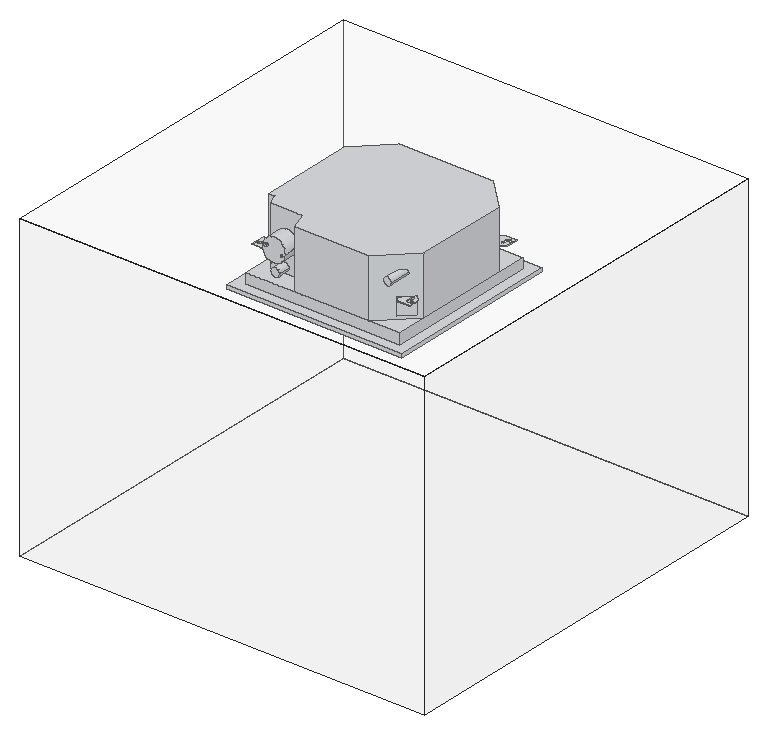
Revit family "plfy-p22_71gmg9_60hz", category 機械設備, Revit 2019
Family settings
  丸型コネクタ寸法 = 直径を使用
  パーツ タイプ = 標準
  OmniClass 番号 = 23.75.10.24.21.27.27
  OmniClass タイトル = Split System Air Conditioning Units
  作業面ベース = いいえ
  常に垂直 = はい
  ロード時にボイドで切り取り = いいえ
  共有 = いいえ
  部屋計算ポイント = はい
Parameters (values of type "天井4方向_PLFY-P22GMG9")
  風量（静）（m3／min） = 8.5
  風量（強）（m3／min） = 10
  風量（弱）（m3／min） = 9
  風量（中）（m3／min） = 9.5
  風量 = MAX風量  # 600.0 m³/h
  音響パワーレベル（弱）(dB) = 47
  音響パワーレベル（中2）(dB) = 48
  音響パワーレベル（中1）(dB) = 49
  音響パワーレベル(dB) = 50
  電源種別 = ""
  電源_H = 0 mm
  電圧 = 200 V
  電動機出力_送風機 = 0.05 kW
  運転質量 = 0.00 kg
  連動 = ""
  質量 = if(製品質量 > 運転質量, 製品質量, 運転質量) * 1.2  # 23.52 kg
  負荷分類 = 3_ファン類
  構成品番 = "PLFY-P22GMG9"
  ドレン管径 (外径) = 32 mm
  ドレン管径 = 25 mm
  サービススペース = yes
  【値が 0 の項目は組合せ形名にてご確認ください】 = ""
  URL = "https://www.mitsubishielectric.co.jp/ldg/wink/ssl/displayProduct.do?pid=321223"
  説明 = "ビル用マルチ 4方向天井カセット形<コンパクトタイプ>"
  設計暖房能力 = 0.00 kW
  設計冷房能力_顕熱 = 0 kW
  設計冷房能力 = 0 kW
  設置方法 = "カセット形"
  記号 = ""
  製造元 = "三菱電機株式会社"
  製品質量 = 19.60 kg
  製品出荷対象 = "国内"
  製品リリース年月 = "2022/9/15"
  製品グループ = ""
  系統 = ""
  符号 = "PAC-CK4"
  積算_科目 = "1 空気調和設備"
  積算_拾い区分 [instance] = ""
  相 = 1
  盤記号 = ""
  発停方法 = "付属スイッチ"
  特殊仕様 = ""
  火災停止 = ""
  消費電力_暖房 = 0.02 kW
  消費電力_冷房 = 0.02 kW
  消費電力 = if(消費電力_冷房 > 消費電力_暖房, 消費電力_冷房, 消費電力_暖房)  # 0.02 kW
  法定耐用年数 = "6"
  極数 = 1
  材質 = ""
  本体マテリアル = none
  有効加湿量 = 0
  暖房能力 = 2.50 kW
  推奨ブレーカー容量 = 0 A
  形式_加湿器 = ""
  形式 = "カセット形（4方向吹出形）"
  幹線記号 = ""
  始動方式 = "直入"
  呼称 = "パッケージ形空気調和機_室内機"
  周波数 = 60 Hz
  吊り位置Y = 507 mm
  吊り位置X = 640 mm
  吊りボルト_H = 134 mm
  台数_手元リモコン = ""
  台数_冷媒分岐ユニット = ""
  参照している仕様書等のバージョン = "公共建築工事標準仕様書（機械設備工事編）平成31年度版"
  加湿給水管径 = 0 mm
  分類コード = "50053003123030"
  分類グループ = ""
  冷房能力 = 2.2 kW
  冷媒高低圧ガス管径 = 0 mm
  冷媒管径符号 = "Ac"
  冷媒管径 = 100 mm
  冷媒液管高さ = 159 mm
  冷媒液管長さ = 71 mm
  冷媒液管径 = 6.4 mm
  冷媒ガス管高さ = 183 mm
  冷媒ガス管長さ = 76 mm
  冷媒ガス管径 = 12.7 mm
  企業コード = "108420"
  付属品_フィルター = ""
  付属品 = ""
  仕様書バージョン = "Version1.0"
  Model = ""
  パネルマテリアル = none
  ドレン管高さ = 227 mm
  コメント [instance] = ""
  ケーブル種類 = ""
  ケーブルサイズ = 0 mm
  Width = 670 mm
  Version = ""
  Uniclass2015Version = "Systems v1.9"
  Uniclass2015Title = "Split coil remote air cooled condensing units"
  Uniclass2015Code = "Pr_70_65_03_84"
  SpecificationReference = ""
  SpecificationDescription = ""
  Revision = ""
  ProductInformation = ""
  Panel Width = 760 mm
  Panel Height = 15 mm
  Panel Depth = 760 mm
  OmniClassCode = "23-33 17 13 11"
  MIN風量 = 風量（静）（m3／min） * 60.0 m³/h  # 510.0 m³/h
  MID風量2 = 風量（弱）（m3／min） * 60.0 m³/h  # 540.0 m³/h
  MID風量 = 風量（中）（m3／min） * 60.0 m³/h  # 570.0 m³/h
  MAX風量 = 風量（強）（m3／min） * 60.0 m³/h  # 600.0 m³/h
  IfcTypeProduct = ""
  IfcProduct = ""
  IfcExportType = "AIRCONDITIONINGUNIT"
  IfcExportAs = "IfcUnitaryEquipmentType"
  Height = 298 mm
  Depth = 670 mm
  価格 = 0
  Clearance Top = 305 mm
  Clearance Right = 500 mm
  Clearance Left = 500 mm
  Clearance Front = 500 mm
  Clearance Bottom = 1000 mm
  Clearance Back = 500 mm
  Author = "三菱電機株式会社"
Types (6, lengths in mm): name | 風量（静）（m3／min） | 風量（強）（m3／min） | 風量（弱）（m3／min） | 風量（中）（m3／min） | 風量 | 音響パワーレベル（弱）(dB) | 音響パワーレベル（中2）(dB) | 音響パワーレベル（中1）(dB) | 音響パワーレベル(dB) | 質量 | 構成品番 | URL | 製品質量 | 消費電力_暖房 | 消費電力_冷房 | 消費電力 | 暖房能力 | 冷房能力 | 冷媒管径符号 | 冷媒液管長さ | 冷媒液管径 | 冷媒ガス管長さ | 冷媒ガス管径 | MIN風量 | MID風量2 | MID風量 | MAX風量
  天井4方向_PLFY-P22GMG9 | 8.5 | 10 | 9 | 9.5 | 600.0 m³/h | 47 | 48 | 49 | 50 | 23.52 kg | "PLFY-P22GMG9" | "https://www.mitsubishielectric.co.jp/ldg/wink/ssl/displayProduct.do?pid=321223" | 19.60 kg | 0.02 kW | 0.02 kW | 0.02 kW | 2.50 kW | 2.2 kW | "Ac" | 71 | 6.4 | 76 | 12.7 | 510.0 m³/h | 540.0 m³/h | 570.0 m³/h | 600.0 m³/h
  天井4方向_PLFY-P28GMG9 | 8.5 | 10 | 9 | 9.5 | 600.0 m³/h | 47 | 48 | 49 | 50 | 23.52 kg | "PLFY-P28GMG9" | "https://www.mitsubishielectric.co.jp/ldg/wink/ssl/displayProduct.do?pid=321224" | 19.60 kg | 0.02 kW | 0.02 kW | 0.02 kW | 3.20 kW | 2.8 kW | "Ac" | 71 | 6.4 | 76 | 12.7 | 510.0 m³/h | 540.0 m³/h | 570.0 m³/h | 600.0 m³/h
  天井4方向_PLFY-P36GMG9 | 9.5 | 12 | 10 | 10.5 | 720.0 m³/h | 49 | 50 | 51 | 54 | 23.52 kg | "PLFY-P36GMG9" | "https://www.mitsubishielectric.co.jp/ldg/wink/ssl/displayProduct.do?pid=321225" | 19.60 kg | 0.03 kW | 0.03 kW | 0.03 kW | 4.00 kW | 3.6 kW | "Ac" | 71 | 6.4 | 76 | 12.7 | 570.0 m³/h | 600.0 m³/h | 630.0 m³/h | 720.0 m³/h
  天井4方向_PLFY-P45GMG9 | 9.5 | 12.5 | 10 | 10.5 | 750.0 m³/h | 49 | 50 | 52 | 54 | 23.52 kg | "PLFY-P45GMG9" | "https://www.mitsubishielectric.co.jp/ldg/wink/ssl/displayProduct.do?pid=321226" | 19.60 kg | 0.03 kW | 0.03 kW | 0.03 kW | 5.00 kW | 4.5 kW | "Ac" | 71 | 6.4 | 76 | 12.7 | 570.0 m³/h | 600.0 m³/h | 630.0 m³/h | 750.0 m³/h
  天井4方向_PLFY-P56GMG9 | 10 | 13 | 11.5 | 12.5 | 780.0 m³/h | 50 | 53 | 54 | 55 | 24.72 kg | "PLFY-P56GMG9" | "https://www.mitsubishielectric.co.jp/ldg/wink/ssl/displayProduct.do?pid=321227" | 20.60 kg | 0.03 kW | 0.03 kW | 0.03 kW | 6.30 kW | 5.6 kW | "Ac" | 71 | 6.4 | 76 | 12.7 | 600.0 m³/h | 690.0 m³/h | 750.0 m³/h | 780.0 m³/h
  天井4方向_PLFY-P71GMG9 | 11 | 15 | 11.5 | 12.5 | 900.0 m³/h | 53 | 54 | 56 | 58 | 24.72 kg | "PLFY-P71GMG9" | "https://www.mitsubishielectric.co.jp/ldg/wink/ssl/displayProduct.do?pid=321228" | 20.60 kg | 0.04 kW | 0.04 kW | 0.04 kW | 8.00 kW | 7.1 kW | "Bd" | 75 | 9.5 | 80 | 15.9 | 660.0 m³/h | 690.0 m³/h | 750.0 m³/h | 900.0 m³/h
Reference planes
  plane 1 "中心(正面/背面)": y = 0
  plane 2: z = 0
  plane 3 "中心(左/右)": x = 0
  plane 4: x = -380
  plane 5: x = 380
  plane 6: y = 380
  plane 7: y = -380
  plane 8: z = 298
  plane 9: z = 305
  plane 10: x = -320
  plane 11: x = 320
  plane 12: y = 253.5
  plane 13: y = -253.5
  plane 14: z = 46
  plane 15: y = 335
  plane 16: y = -335
  plane 17: x = -335
  plane 18: x = 335
  plane 19: x = -880
  plane 20: x = 880
  plane 21: y = 880
  plane 22: y = -880
  plane 23: z = 298
  plane 24: z = -15
  plane 25: z = -1015
  plane 26: z = 305
  plane 27 "冷媒管基準面": y = -255
  plane 28: x = -186
  plane 29: z = 159
  plane 30: y = -331
  plane 31: y = -326
Forms (mm)
  Extrusion 1, solid, detail levels fine
    sketch origin (0, -255, 15) x (1, 0, 0) y (0, 0, 1)
      loop
        circle (-186, 144) r 3.175
    from 0 to 71
  Extrusion 2, solid, detail levels fine
    sketch origin (-67, -255, 39) x (1, 0, 0) y (0, 0, 1)
      loop
        circle (-186, 144) r 6.35
    from 0 to 76
Dimensions and locks
  equal spacing: plane 4, plane 3 "中心(左/右)", plane 5
  plane 4 to plane 5 = 760 mm
  equal spacing: plane 7, plane 1 "中心(正面/背面)", plane 6
  plane 7 to plane 6 = 760 mm
  locked: plane 12 to plane 6 at 126.5
  plane 7 to plane 13 = 126.5 mm
  plane 4 to plane 10 = 60 mm
  locked: plane 11 to plane 5 at 60
  "吊り位置X": plane 10 to plane 11
  equal spacing: plane 10, plane 3 "中心(左/右)", plane 11
  equal spacing: plane 13, plane 1 "中心(正面/背面)", plane 12
  "吊り位置Y": plane 13 to plane 12
  equal spacing: plane 16, plane 1 "中心(正面/背面)", plane 15
  "Depth": plane 16 to plane 15
  equal spacing: plane 17, plane 3 "中心(左/右)", plane 18
  "Width": plane 17 to plane 18
  locked: plane 14 to level at 46
  "Clearance Left": plane 19 to plane 4
  "Clearance Right": plane 5 to plane 20
  "Clearance Back": plane 6 to plane 21
  locked: level to plane 24 at 15
  "Clearance Bottom": plane 24 to plane 25
  "Clearance Front": plane 22 to plane 7
  "Clearance Top": plane 26 to plane 2
  "Height": level to nested 3
  plane 29 to plane 2 = 159 mm
  nested 3 to level = 134 mm
  "冷媒液管長さ": plane 31 to plane 27 "冷媒管基準面"
  "冷媒ガス管長さ": plane 30 to plane 27 "冷媒管基準面"
  aligned and locked: level to plane 2
  aligned and locked: plane 10 to nested 2
  aligned and locked: plane 11 to nested 2
  aligned and locked: nested 2 to plane 12
  aligned and locked: plane 13 to nested 2
  aligned and locked: plane 19 to nested 1
  aligned and locked: plane 20 to nested 1
  aligned and locked: plane 22 to nested 1
  aligned and locked: plane 21 to nested 1
  aligned and locked: plane 25 to nested 1
  aligned and locked: plane 5 to nested 3
  aligned and locked: plane 15 to nested 3
  aligned and locked: plane 6 to nested 3
  aligned and locked: plane 7 to nested 3
  aligned and locked: plane 26 to nested 1
  aligned and locked: plane 31 to Extrusion 1
  aligned and locked: plane 30 to Extrusion 2
Automatic sketch dimensions
  Extrusion 1 sketch curve to plane 28 = 0 mm
  Extrusion 1 sketch curve to plane 29 = 0 mm
  plane 29 to Extrusion 2 sketch curve = 24 mm
  plane 10 to Extrusion 2 sketch curve = 67 mm
  radius of Extrusion 1 sketch curve = 3.175 mm
  radius of Extrusion 2 sketch curve = 6.35 mm
Nested families
  nested 1: "サービススペース" at (0, 0, -355), visible <- "サービススペース", type "サービススペース"
    with Width 1760 mm, Height 1320 mm, Depth 1760 mm
  nested 2: "固定点" at (-320, -253.5, 0), type "固定点"
    with W 640 mm, D 507 mm
  nested 3: "PL-RP○○GA3" at (0, 0, 0), type "PL-RP○○GA3"
    with ユニット表示 yes
Connectors
  piping at (-219.5, -326, 171), diameter 100, driven by "冷媒管径", driven by "冷媒管径符号"
    settings: on nested 3, index 1, connector inside diameter 609.6 mm, connector length 0 mm, flow factor 0, pipe flow 0.0 L/s, pressure drop 0.0 Pa, fitting loss kfactor 0, connector angle 0.00°, fixture units 0, engagement length 0 mm, angle of deflection 0.00°, flow configuration 1, flow direction 1, fitting loss method 4, system type 7, joint type 0, gender type 0, connector reference index -1, connector utility 0, adjustable connector no, is connector primary yes, connector description "Ac"
  piping at (281, -332, 227), diameter 25, driven by "ドレン管径"
    settings: on nested 3, index 2, connector inside diameter 609.6 mm, connector length 0 mm, flow factor 0, pipe flow 0.0 L/s, pressure drop 0.0 Pa, fitting loss kfactor 0, connector angle 0.00°, fixture units 0, engagement length 0 mm, angle of deflection 0.00°, flow configuration 1, flow direction 2, fitting loss method 4, system type 16, joint type 0, gender type 0, connector reference index -1, connector utility 0, adjustable connector no, is connector primary no, connector description ""
  electrical at (-230, -305, 70), driven by "極数", driven by "負荷分類", driven by "電圧", driven by "消費電力"
    settings: on nested 3, index 3, voltage 200 V, apparent load 20 VA, apparent load phase1 0 VA, apparent load phase2 0 VA, apparent load phase3 0 VA, power factor 1, load classification "3_ファン類", number of poles 1, system type 30, power factor state 1, is connector primary yes, connector utility no, sub classification motor no, connector description ""
Definition of nested family "サービススペース"
  Parameters (values of type "サービススペース")
    Width [instance] = 500 mm
    Height [instance] = 500 mm
    Depth [instance] = 500 mm
  Reference planes
    plane 1 "中心(正面/背面)": y = 0
    plane 2: z = 0
    plane 3 "中心(左/右)": x = 0
    plane 4: y = -250
    plane 5: x = 250
    plane 6: y = 250
    plane 7: x = -250
    plane 8: z = 250
    plane 9: z = -250
  Forms (mm)
    Extrusion 1, solid
      sketch origin (-638.939, 0, 72.39) x (1, 0, 0) y (0, 1, 0)
        loop
          line (388.939, 250) -> (388.939, -250) -> (888.939, -250) -> (888.939, 250) -> (388.939, 250)
      from -322.39 to 177.61
  Lines and regions (mm)
    symbolic lines
      curve 1: line (-250, 0, 250) -> (250, 0, 250)
      curve 2: line (-250, 0, -250) -> (-250, 0, 250)
      curve 3: line (250, 0, -250) -> (-250, 0, -250)
      curve 4: line (250, 0, 250) -> (250, 0, -250)
      curve 5: line (0, -250, 250) -> (0, 250, 250)
      curve 6: line (0, -250, -250) -> (0, -250, 250)
      curve 7: line (0, 250, -250) -> (0, -250, -250)
      curve 8: line (0, 250, 250) -> (0, 250, -250)
      curve 9: line (-250, 250, 0) -> (250, 250, 0)
      curve 10: line (-250, -250, 0) -> (-250, 250, 0)
      curve 11: line (250, -250, 0) -> (-250, -250, 0)
      curve 12: line (250, 250, 0) -> (250, -250, 0)
  Dimensions and locks
    equal spacing: plane 7, plane 3 "中心(左/右)", plane 5
    equal spacing: plane 4, plane 1 "中心(正面/背面)", plane 6
    "Depth": plane 4 to plane 6
    "Width": plane 7 to plane 5
    equal spacing: plane 8, plane 2, plane 9
    "Height": plane 8 to plane 9
    aligned and locked: plane 9 to curve 3
    aligned and locked: plane 7 to curve 2
    aligned and locked: curve 4 to plane 5
    aligned and locked: plane 5 to Extrusion 1
    aligned and locked: Extrusion 1 to plane 7
    aligned and locked: Extrusion 1 to plane 9
    aligned and locked: plane 8 to Extrusion 1
    aligned and locked: plane 9 to curve 7
  Automatic sketch dimensions
    plane 4 to Extrusion 1 sketch curve = 0 mm
    Extrusion 1 sketch curve to plane 7 = 0 mm
    Extrusion 1 sketch curve to plane 5 = 0 mm
    plane 6 to Extrusion 1 sketch curve = 0 mm
    curve 2 to plane 8 = 0 mm
    plane 4 to curve 11 = 0 mm
    curve 11 to plane 7 = 0 mm
    curve 11 to plane 5 = 0 mm
    plane 6 to curve 10 = 0 mm
    curve 7 to plane 4 = 0 mm
    curve 7 to plane 6 = 0 mm
    curve 6 to plane 8 = 0 mm
Definition of nested family "PL-RP○○GA3"
  Parameters (values of type "PL-RP○○GA3")
    配線取出口サイズ = 36 mm
    配線取出口-Z = 70 mm
    配線取出口-Y = 50 mm
    配線取出口-X = 230 mm
    液配管サイズ = 6.4 mm
    A = 幅さ + 90 mm  # 760 mm
    高さ = 298 mm
    奥行き = 670 mm
    吊りボルト_H = 134 mm
    冷媒配管 = 100 mm
    冷媒液管径-Z = 159 mm
    冷媒液管径-Y = 71 mm
    冷媒液管径-X = 186 mm
    冷媒ガス管径-Z = 183 mm
    冷媒ガス管径-Y = 76 mm
    冷媒ガス管径-X = 253 mm
    ユニット表示 [instance] = yes
    ボルトピッチ = 507 mm
    ドレン配管サイズ = 32 mm
    ドレン管径-Z = 227 mm
    ドレン管径-Y = 77 mm
    ドレン管径-X = 281 mm
    ガス配管サイズ = 12.7 mm
    D = 幅さ - 30 mm  # 640 mm
    幅さ = 670 mm
    B = 幅さ + 40 mm  # 710 mm
  Reference planes
    plane 1 "中心(正面/背面)": y = 0
    plane 2: z = 0
    plane 3 "中心(左/右)": x = 0
    plane 4: x = -355
    plane 5: x = 355
    plane 6: x = -335
    plane 7: x = 335
    plane 8: x = -320
    plane 9: x = 320
    plane 10: y = 253.5
    plane 11: y = -253.5
    plane 12: y = 335
    plane 13: y = -335
    plane 14: x = -380
    plane 15: x = 380
    plane 16: z = -15
    plane 17: z = 46
    plane 18: z = 298
    plane 19: z = 134
    plane 20: z = 136
    plane 21: z = 227
    plane 22: z = 159
    plane 23: z = 183
    plane 24: z = 60
    plane 25: y = 380
    plane 26: y = -380
    plane 27: x = -253
    plane 28: x = -150
    plane 29: x = -123
    plane 30: x = -186
    plane 31: x = 281
    plane 32: x = 202
    plane 33: y = -255
    plane 34: y = -207
    plane 35: y = -331
    plane 36: y = -326
    plane 37 "ドレン管接続口": y = -332
    plane 38: y = -202
    plane 39: y = 291.5
    plane 40: y = 275.5
    plane 41: y = 263.5
    plane 42: x = -326
    plane 43: x = -314
    plane 44: x = -343
    plane 45: x = 314
    plane 46: x = 326
    plane 47: x = 343
    plane 48: y = -291.5
    plane 49: y = -275.5
    plane 50: y = -263.5
    plane 51: x = -230
    plane 52: y = 202
    plane 53: x = -202
    plane 54: z = 70
    plane 55: y = -305
  Forms (mm)
    Extrusion 1, solid, visible <- "ユニット表示"
      sketch origin (0, 0, 0) x (1, 0, 0) y (0, 1, 0)
        loop
          line (-380, 380) -> (-380, -380) -> (380, -380) -> (380, 380) -> (-380, 380)
      from -15 to 0
    Extrusion 2, solid, visible <- "ユニット表示", detail levels fine
      sketch origin (0, 0, 0) x (1, 0, 0) y (0, 1, 0)
        loop
          line (-203.39, 335) -> (-335, 203.39) -> (-335, -207) -> (-309.258, -207) -> (-288.883, -255) -> (-150, -255) -> (-123.033, -335) -> (202, -335) -> (335, -202) -> (335, 203.39) -> (203.39, 335) -> (-203.39, 335)
      from 46 to 298
    Extrusion 3, solid, visible <- "ユニット表示", detail levels fine
      sketch origin (0, 0, 0) x (1, 0, 0) y (0, 1, 0)
        loop
          line (335, 335) -> (-335, 335) -> (-335, -335) -> (335, -335) -> (335, 335)
      from 0 to 46
    Extrusion 4, solid, visible <- "ユニット表示", detail levels fine
      sketch origin (0, 0, 0) x (1, 0, 0) y (0, 0, 1)
        loop
          circle (-219.5, 171) r 50
      from 255 to 326
    Extrusion 5, solid, visible <- "ユニット表示", detail levels fine
      sketch origin (0, 0, 0) x (1, 0, 0) y (0, 1, 0)
        loop
          line (-343, -291.5) -> (-300.314, -291.5) -> (-290.686, -250.751) -> (-306.998, -212.324) -> (-343, -227.606) -> (-343, -263.5) -> (-329, -263.5)
          arc (-329, -263.5) -> (-326.879, -262.621) -> (-326, -260.5) r 3
          line (-326, -260.5) -> (-326, -249.5)
          arc (-326, -249.5) -> (-320, -243.5) -> (-314, -249.5) r 6
          line (-314, -249.5) -> (-314, -269.478)
          arc (-314, -269.478) -> (-315.757, -273.721) -> (-320, -275.5) r 6
          line (-320, -275.5) -> (-343, -275.5) -> (-343, -291.5)
        loop
          line (-343, 275.5) -> (-320, 275.5)
          arc (-320, 275.5) -> (-315.757, 273.743) -> (-314, 269.5) r 6
          line (-314, 269.5) -> (-314, 249.5)
          arc (-314, 249.5) -> (-320, 243.5) -> (-326, 249.5) r 6
          line (-326, 249.5) -> (-326, 260.5)
          arc (-326, 260.5) -> (-326.879, 262.621) -> (-329, 263.5) r 3
          line (-329, 263.5) -> (-343, 263.5) -> (-343, 244.959) -> (-318.215, 220.175) -> (-270.214, 268.176) -> (-293.539, 291.5) -> (-343, 291.5) -> (-343, 275.5)
        loop
          line (343, 291.5) -> (293.539, 291.5) -> (270.214, 268.176) -> (318.215, 220.175) -> (343, 244.959) -> (343, 263.5) -> (329, 263.5)
          arc (329, 263.5) -> (326.879, 262.621) -> (326, 260.5) r 3
          line (326, 260.5) -> (326, 249.5)
          arc (326, 249.5) -> (320, 243.5) -> (314, 249.5) r 6
          line (314, 249.5) -> (314, 269.5)
          arc (314, 269.5) -> (315.757, 273.743) -> (320, 275.5) r 6
          line (320, 275.5) -> (343, 275.5) -> (343, 291.5)
        loop
          line (293.539, -291.5) -> (343, -291.5) -> (343, -275.5) -> (320, -275.5)
          arc (320, -275.5) -> (315.757, -273.743) -> (314, -269.5) r 6
          line (314, -269.5) -> (314, -249.5)
          arc (314, -249.5) -> (320, -243.5) -> (326, -249.5) r 6
          line (326, -249.5) -> (326, -260.5)
          arc (326, -260.5) -> (326.879, -262.621) -> (329, -263.5) r 3
          line (329, -263.5) -> (343, -263.5) -> (343, -244.959) -> (317.52, -219.48) -> (269.519, -267.481) -> (293.539, -291.5)
      from 134 to 136
    Extrusion 6, solid, visible <- "ユニット表示", detail levels fine
      sketch origin (0, 0, 0) x (1, 0, 0) y (0, 1, 0)
        loop
          line (-306.998, -212.324) -> (-308.839, -213.105) -> (-291.463, -254.04) -> (-289.622, -253.258) -> (-306.998, -212.324)
        loop
          line (-271.629, 269.59) -> (-319.63, 221.589) -> (-318.245, 220.204) -> (-270.244, 268.205) -> (-271.629, 269.59)
        loop
          line (271.629, 269.59) -> (270.244, 268.205) -> (318.245, 220.204) -> (319.63, 221.589) -> (271.629, 269.59)
        loop
          line (270.934, -268.895) -> (318.935, -220.894) -> (317.52, -219.48) -> (269.519, -267.481) -> (270.934, -268.895)
      from 60 to 136
    Extrusion 7, solid, visible <- "ユニット表示", detail levels fine
      sketch origin (0, 0, 0) x (1, 0, 0) y (0, 0, 1)
        loop
          circle (-230, 70) r 18
      from 255 to 305
    Extrusion 8, solid, detail levels fine
      sketch origin (0, -332, 0) x (-1, 0, 0) y (0, 0, 1)
        loop
          circle (-281, 227) r 16
      from 0 to 100
  Cuts and joins
    joined: Extrusion 5, Extrusion 6
  Dimensions and locks
    equal spacing: plane 4, plane 3 "中心(左/右)", plane 5
    "B": plane 4 to plane 5
    equal spacing: plane 6, plane 3 "中心(左/右)", plane 7
    "幅さ": plane 6 to plane 7
    equal spacing: plane 8, plane 3 "中心(左/右)", plane 9
    "D": plane 8 to plane 9
    equal spacing: plane 11, plane 1 "中心(正面/背面)", plane 10
    "ボルトピッチ": plane 10 to plane 11
    equal spacing: plane 12, plane 1 "中心(正面/背面)", plane 13
    "奥行き": plane 12 to plane 13
    "A": plane 14 to plane 15
    equal spacing: plane 14, plane 3 "中心(左/右)", plane 15
    locked: plane 2 to plane 16 at 15
    locked: plane 17 to plane 2 at 46
    "吊りボルト_H": plane 19 to level
    locked: plane 20 to plane 19 at 2
    "ドレン管径-Z": plane 21 to level
    "冷媒液管径-Z": plane 22 to level
    "冷媒ガス管径-Z": plane 23 to level
    plane 24 to level = 60 mm
    equal spacing: plane 25, plane 1 "中心(正面/背面)", plane 26
    "A": plane 25 to plane 26
    locked: plane 6 to plane 28 at 185
    locked: plane 6 to plane 29 at 212
    locked: plane 32 to plane 7 at 133
    "冷媒ガス管径-X": plane 27 to plane 3 "中心(左/右)"
    "冷媒液管径-X": plane 30 to plane 3 "中心(左/右)"
    "ドレン管径-X": plane 3 "中心(左/右)" to plane 31
    locked: plane 33 to plane 13 at 80
    locked: plane 34 to plane 13 at 128
    "冷媒ガス管径-Y": plane 33 to plane 35
    "冷媒液管径-Y": plane 33 to plane 36
    "ドレン管径-Y": plane 33 to plane 37 "ドレン管接続口"
    locked: plane 38 to plane 13 at 133
    equal spacing: plane 30, Extrusion 4 sketch curve, plane 27
    equal spacing: plane 23, Extrusion 4 sketch curve, plane 22
    locked: plane 44 to plane 8 at 23
    plane 42 to plane 8 to plane 43 = 6 mm locked, 6 mm locked
    locked: plane 9 to plane 47 at 23
    plane 45 to plane 9 to plane 46 = 6 mm locked, 6 mm locked
    plane 11 to plane 50 to plane 49 to plane 48 = 10 mm locked, 12 mm locked, 16 mm locked
    plane 39 to plane 40 to plane 41 to plane 10 = 16 mm locked, 12 mm locked, 10 mm locked
    locked: Extrusion 5 sketch curve to plane 11 at 4  (x2)
    locked: plane 10 to Extrusion 5 sketch curve at 4  (x2)
    "配線取出口-X": plane 51 to plane 3 "中心(左/右)"
    "配線取出口-Z": plane 54 to level
    "配線取出口-Y": plane 33 to plane 55
    locked: cut or joined group of Extrusion 5, Extrusion 6 to Extrusion 6 sketch curve at 2
    locked: Extrusion 6 sketch curve to Extrusion 2 at 2  (x3)
    "高さ": plane 18 to level
    "冷媒配管": diameter of Extrusion 4 sketch curve
    radius of Extrusion 5 sketch curve = 6 mm  (x8)
    radius of Extrusion 5 sketch curve = 3 mm  (x4)
    "配線取出口サイズ": diameter of Extrusion 7 sketch curve
    aligned and locked: level to plane 2
    aligned and locked: Extrusion 1 sketch curve to plane 25
    aligned and locked: plane 14 to Extrusion 1 sketch curve
    aligned and locked: plane 26 to Extrusion 1 sketch curve
    aligned and locked: Extrusion 1 sketch curve to plane 15
    aligned and locked: level to Extrusion 1
    aligned and locked: Extrusion 1 to plane 16
    aligned and locked: plane 18 to Extrusion 2
    aligned and locked: Extrusion 2 to plane 17
    aligned and locked: Extrusion 3 sketch curve to plane 7
    aligned and locked: Extrusion 3 sketch curve to plane 13
    aligned and locked: Extrusion 3 sketch curve to plane 6
    aligned and locked: Extrusion 3 sketch curve to plane 12
    aligned and locked: Extrusion 3 to level
    aligned and locked: plane 17 to Extrusion 3
    aligned and locked: plane 28 to Extrusion 2 sketch curve
    aligned and locked: plane 34 to Extrusion 2 sketch curve
    aligned and locked: Extrusion 2 sketch curve to plane 13
    aligned and locked: Extrusion 2 sketch curve to plane 7
    aligned and locked: Extrusion 2 sketch curve to plane 12
    aligned and locked: Extrusion 2 sketch curve to plane 6
    aligned and locked: plane 7 to Extrusion 2 sketch curve
    aligned and locked: plane 38 to Extrusion 2 sketch curve
    aligned and locked: plane 32 to Extrusion 2 sketch curve
    aligned and locked: plane 13 to Extrusion 2 sketch curve
    aligned and locked: plane 44 to Extrusion 5 sketch curve  (x2)
    aligned and locked: Extrusion 5 sketch curve to plane 50
    aligned and locked: plane 49 to Extrusion 5 sketch curve
    aligned and locked: Extrusion 5 sketch curve to plane 48
    aligned and locked: plane 43 to Extrusion 5 sketch curve
    aligned and locked: plane 42 to Extrusion 5 sketch curve  (x2)
    aligned and locked: Extrusion 6 to plane 24
    aligned and locked: plane 20 to Extrusion 6
    aligned and locked: plane 39 to Extrusion 5 sketch curve  (x2)
    aligned and locked: Extrusion 5 sketch curve to plane 44  (x2)
    aligned and locked: plane 41 to Extrusion 5 sketch curve  (x2)
    aligned and locked: Extrusion 5 sketch curve to plane 40  (x2)
    aligned and locked: Extrusion 5 sketch curve to plane 43
    aligned and locked: Extrusion 5 sketch curve to Extrusion 2  (x3)
    aligned and locked: plane 47 to Extrusion 5 sketch curve  (x4)
    aligned and locked: plane 45 to Extrusion 5 sketch curve  (x2)
    aligned and locked: Extrusion 5 sketch curve to plane 46  (x2)
    aligned and locked: plane 50 to Extrusion 5 sketch curve
    aligned and locked: plane 48 to Extrusion 5 sketch curve
    aligned and locked: Extrusion 5 sketch curve to plane 49
    aligned and locked: plane 51 to Extrusion 7 sketch curve
    aligned and locked: plane 54 to Extrusion 7 sketch curve
    aligned and locked: Extrusion 7 to Extrusion 2
    aligned and locked: plane 55 to Extrusion 7
    aligned and locked: cut or joined group of Extrusion 5, Extrusion 6 to cut or joined group of Extrusion 5, Extrusion 6  (x2)
    aligned and locked: Extrusion 6 sketch curve to cut or joined group of Extrusion 5, Extrusion 6  (x3)
    aligned and locked: cut or joined group of Extrusion 5, Extrusion 6 to Extrusion 6 sketch curve  (x2)
    aligned and locked: Extrusion 2 to Extrusion 6 sketch curve
    aligned and locked: cut or joined group of Extrusion 5, Extrusion 6 to plane 19
    aligned and locked: plane 20 to cut or joined group of Extrusion 5, Extrusion 6
    aligned and locked: Extrusion 4 to plane 36
  Automatic sketch dimensions
    Extrusion 2 sketch curve to plane 33 = 0 mm
    plane 43 to Extrusion 2 sketch curve = 4.742 mm
    plane 43 to Extrusion 2 sketch curve = 25.117 mm
    Extrusion 2 sketch curve to plane 30 = 17.39 mm
    Extrusion 2 sketch curve to plane 29 = 0.033 mm
    plane 32 to Extrusion 2 sketch curve = 1.39 mm
    Extrusion 2 sketch curve to plane 10 = 50.11 mm  (x2)
    Extrusion 5 sketch curve to plane 8 = 0 mm
    Extrusion 5 sketch curve to plane 8 = 13.002 mm
    Extrusion 5 sketch curve to plane 43 = 13.686 mm
    plane 50 to Extrusion 5 sketch curve = 12.749 mm
    Extrusion 5 sketch curve to Extrusion 5 sketch curve = 9.627 mm
    Extrusion 5 sketch curve to plane 50 = 5.978 mm
    plane 34 to Extrusion 5 sketch curve = 20.606 mm
    plane 8 to Extrusion 6 sketch curve = 1.755 mm
    Extrusion 6 sketch curve to plane 11 = 0.54 mm
    Extrusion 6 sketch curve to Extrusion 6 sketch curve = 1.385 mm
    Extrusion 6 sketch curve to plane 49 = 6.605 mm
    Extrusion 6 sketch curve to plane 9 = 2.48 mm
    Extrusion 6 sketch curve to Extrusion 6 sketch curve = 1.414 mm
    Extrusion 5 sketch curve to plane 8 = 1.785 mm
    Extrusion 5 sketch curve to plane 41 = 4.676 mm  (x2)
    plane 9 to Extrusion 5 sketch curve = 1.785 mm
    Extrusion 5 sketch curve to plane 50 = 3.981 mm
    plane 9 to Extrusion 5 sketch curve = 2.48 mm
    Extrusion 8 sketch curve to plane 21 = 0 mm
    Extrusion 8 sketch curve to plane 31 = 0 mm
    radius of Extrusion 8 sketch curve = 16 mm
Definition of nested family "固定点"
  Parameters (values of type "固定点")
    中心円 = 20 mm
    W [instance] = 1000 mm
    D [instance] = 1000 mm
  Reference planes
    plane 1 "中心(正面/背面)": y = 0
    plane 2: z = 0
    plane 3 "中心(左/右)": x = 0
    plane 4: x = 1000
    plane 5: y = 1000
  Lines and regions (mm)
    symbolic lines, detail levels fine
      curve 1: circle (0, 1000, 0) r 10 normal (0, 0, 1)
      curve 2: circle (0, 0, 0) r 10 normal (0, 0, 1)
      curve 3: circle (1000, 1000, 0) r 10 normal (0, 0, 1)
      curve 4: circle (1000, 0, 0) r 10 normal (0, 0, 1)
      curve 5: line (-200, 1000, 0) -> (1200, 1000, 0)
      curve 6: line (-200, 0, 0) -> (1200, 0, 0)
      curve 7: line (0, 1200, 0) -> (0, -200, 0)
      curve 8: line (1000, 1200, 0) -> (1000, -200, 0)
  Dimensions and locks
    "W": plane 3 "中心(左/右)" to plane 4
    "D": plane 1 "中心(正面/背面)" to plane 5
    "中心円": diameter of curve 1
    "中心円": diameter of curve 2
    "中心円": diameter of curve 3
    "中心円": diameter of curve 4
    aligned and locked: level to plane 2
    aligned and locked: plane 5 to curve 1
    aligned and locked: plane 3 "中心(左/右)" to curve 1
    aligned and locked: plane 3 "中心(左/右)" to curve 2
    aligned and locked: plane 1 "中心(正面/背面)" to curve 2
    aligned and locked: plane 4 to curve 3
    aligned and locked: plane 5 to curve 3
    aligned and locked: plane 1 "中心(正面/背面)" to curve 4
    aligned and locked: plane 4 to curve 4
    aligned and locked: plane 1 "中心(正面/背面)" to curve 6
    aligned and locked: curve 7 to plane 3 "中心(左/右)"
    aligned and locked: curve 8 to plane 4
  Automatic sketch dimensions
    curve 5 to plane 5 = 0 mm
    curve 6 to plane 3 "中心(左/右)" = 200 mm
    curve 5 to plane 3 "中心(左/右)" = 200 mm
    curve 4 to curve 6 = 200 mm
    curve 3 to curve 5 = 200 mm
    plane 1 "中心(正面/背面)" to curve 8 = 200 mm
    plane 1 "中心(正面/背面)" to curve 7 = 200 mm
    curve 3 to curve 8 = 200 mm
    curve 1 to curve 7 = 200 mm
